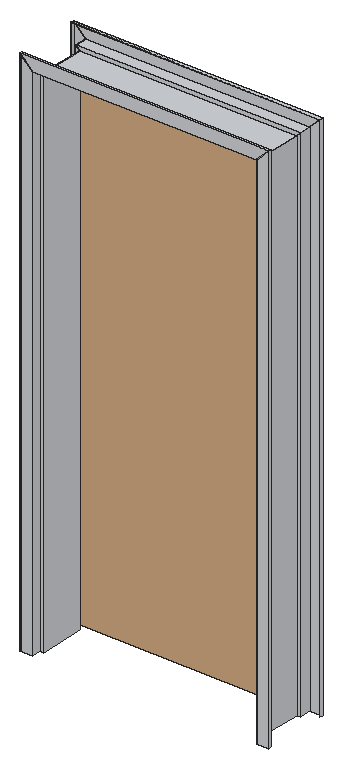
Revit family "Ext-Communicating-Door-WDMF-36 x 84", category Doors, host Wall, Revit 2014
Parameters (values of type "Ext-C-WDMF-36" x 84"")
  Width = Door Panel Width  # 3' - 0"
  Wall Thickness [instance] = 0' - 10 3/4"
  URL = ""
  Type Comments = "EXT,"
  Thickness = 0' - 1 3/4"
  Swing Angle [instance] = 90.00°
  SDI RO Spacing = 0' - 0"
  SDI Panel 1 Width = Leaf Width + 0' 0 3/16"  # 3' - 0"
  SDI No Panels = ""
  SDI HW Set [instance] = ""
  SDI HW Item LO-2 [instance] = ""
  SDI HW Item LO-1 [instance] = ""
  SDI HW Item KP-2 [instance] = ""
  SDI HW Item KP-1 [instance] = ""
  SDI HW Item HI-2 [instance] = ""
  SDI HW Item HI-1 [instance] = ""
  SDI HW Item HC-2 [instance] = ""
  SDI HW Item HC-1 [instance] = ""
  SDI HW Item ED-2 [instance] = ""
  SDI HW Item ED-1 [instance] = ""
  SDI HW Item DO-2 [instance] = ""
  SDI HW Item DO-1 [instance] = ""
  SDI HW Item CL-2 [instance] = ""
  SDI HW Item CL-1 [instance] = ""
  SDI Glass Material = Glass
  SDI Frame Type = "3 Piece"
  SDI Frame Material Type = "Hollow Metal"
  SDI Frame Material = Paint - Generic - Prime
  SDI Frame Manufacturer = ""
  SDI Frame Jamb Width = 0' - 2"
  SDI Frame Head Width = 0' - 2"
  SDI Frame Finish Type = "Painted"
  SDI Frame Finish Color = "Prime"
  SDI Frame Depth [instance] = 0' - 10 3/4"
  SDI Family Version = "1.0"
  SDI Door Top Rail Width = 0' - 7 3/4"
  SDI Door Stile Width = 0' - 6"
  SDI Door Panel Type = "N"
  SDI Door Material Type = "Hollow Metal"
  SDI Door Material = Stain - SRO - Red Oak 100 Clear
  SDI Door Manufacturer = ""
  SDI Door Glass Type = "1/4\" Tempered"
  SDI Door Finish Type = "Painted"
  SDI Door Finish Color = "Prime"
  SDI Door Configuration = "SG"
  SDI Door Bottom Rail Width = 5' - 0"
  SDI Arch Frame Type [instance] = ""
  SDI Arch Frame Material Type [instance] = "HM"
  SDI Arch Door Panel Type [instance] = "N"
  SDI Arch Door Material Type [instance] = "HM"
  Rough Width = Frame Width - 0' 0" + 2 * SDI RO Spacing  # 3' - 4"
  Rough Height = Frame Height - 0' 0" + SDI RO Spacing  # 7' - 2"
  R1 Height = 7' - 0"
  P1 Width = 3' - 2"
  Note = "Depths vary Depending on the Hardware Being Used"  # constant formula
  Model = "Ext-C-WDMF-36\" x 84\""
  Manufacturer = ""
  Leaf Width = P1 Width - 0' 2 3/16"  # 2' - 11 13/16"
  Height = Door Panel Height  # 7' - 0"
  Glass Offset [instance] = 0' 2 1/16" + (SDI Frame Depth - 0' 5 3/4") / 2  # 0' - 4 9/16"
  Function = Exterior
  Frame Width = P1 Width + 0' 2"  # 3' - 4"
  Frame Offset [instance] = 0' - 5 3/8"
  Frame Height = R1 Height + 0' 2"  # 7' - 2"
  Fire Rating = ""
  Exterior Glazing [instance] = no
  Door Panel Width = P1 Width - 0' 2"  # 3' - 0"
  Door Panel Height = R1 Height + 0' 2" - (0' 2")  # 7' - 0"
  Door Offset [instance] = 0' 2 13/16" + (SDI Frame Depth - 0' 5 3/4") / 2  # 0' - 5 5/16"
  Description = "Wood Door with Hollow Metal Frame"
  Cost = 0
  Assembly Code = "B2030120"
  Analytic Construction = "<None>"
  Aligned Other [instance] = 0' - 0"
  Aligned Interior [instance] = no
  Aligned Exterior [instance] = yes
  Aligned Center [instance] = no
  ADA Clearance Lines = no
Reference planes (in)
  plane 1: y = 0
  plane 2 "Center (Left/Right)": x = 0
  plane 3 "Wall Edge": y = 7.875
  plane 4 "Wall Interior": y = -2.875
  plane 5 "ModelRefLevel": z = 0
  plane 6 "FrameDepthPlane": y = 2.5
  plane 7 "FrameFront": y = 7.875
  plane 8 "FrameBack": y = -2.875
  plane 9 "V0": x = 19
  plane 10 "V1": x = -19
  plane 11 "H0": z = 1
  plane 12 "H1": z = 85
  plane 13 "DoorLeft": x = 18
  plane 14 "DoorRight": x = -18
  plane 15 "DoorCenter": x = 0
  plane 16 "DoorTop": z = 83.875
  plane 17 "DoorCenterTB": z = 41.9375
  plane 18 "DoorExtFace": y = 7.8125
  plane 19 "DoorGlassFace": y = 7.0625
  plane 20 "LockCenterLine": z = 32.5625
  plane 21 "DoorExtFace1": y = 4.5625
  plane 22 "GlassRight1": x = -11.90625
  plane 23 "ActDoorLeft": x = 17.90625
  plane 24 "SwingClrPlane": y = 67.875
  plane 25 "SwingPartialPlane": y = 55.875
  plane 26: x = -7.90625
  plane 27: x = -11.90625
  plane 28: z = 76.125
  plane 29: z = 51.125
Forms (in)
  Extrusion 1, solid
    sketch origin (138.6875, 0, 43) x (-1, 0, 0) y (0, -1, 0)
      loop
        line (118.6875, -7.375) -> (118.6875, -7.875) -> (120.6875, -7.875) -> (120.6875, -5.9375) -> (121.3125, -5.9375) -> (121.3125, 1.3125) -> (120.6875, 1.3125) -> (120.6875, 2.875) -> (118.6875, 2.875) -> (118.6875, 2.4375) -> (118.75, 2.4375) -> (118.75, 2.8125) -> (120.625, 2.8125) -> (120.625, 1.25) -> (121.25, 1.25) -> (121.25, -5.875) -> (120.625, -5.875) -> (120.625, -7.8125) -> (118.75, -7.8125) -> (118.75, -7.375) -> (118.6875, -7.375)
    from -43 to 43
  Extrusion 2, void
    sketch origin (0, 2.875, 0) x (1, 0, 0) y (0, 0, 1)
      loop
        line (20, 86) -> (17.375, 86) -> (17.375, 83.375) -> (20, 86)
    from -12 to 12
  Extrusion 3, solid
    sketch origin (101.3125, 0, 43) x (-1, 0, 0) y (0, -1, 0)
      loop
        line (121.25, -7.375) -> (121.25, -7.8125) -> (119.375, -7.8125) -> (119.375, -5.875) -> (118.75, -5.875) -> (118.75, 1.25) -> (119.375, 1.25) -> (119.375, 2.8125) -> (121.25, 2.8125) -> (121.25, 2.4375) -> (121.3125, 2.4375) -> (121.3125, 2.875) -> (119.3125, 2.875) -> (119.3125, 1.3125) -> (118.6875, 1.3125) -> (118.6875, -5.9375) -> (119.3125, -5.9375) -> (119.3125, -7.875) -> (121.3125, -7.875) -> (121.3125, -7.375) -> (121.25, -7.375)
    from -43 to 43
  Extrusion 4, void
    sketch origin (0, 2.875, 0) x (1, 0, 0) y (0, 0, 1)
      loop
        line (-20, 86) -> (-17.375, 83.375) -> (-17.375, 86) -> (-20, 86)
    from -12 to 12
  Extrusion 5, solid
    sketch origin (0, 0, 84.6875) x (0, 1, 0) y (0, 0, 1)
      loop
        line (7.375, 1.25) -> (7.8125, 1.25) -> (7.8125, -0.625) -> (5.875, -0.625) -> (5.875, -1.25) -> (-1.25, -1.25) -> (-1.25, -0.625) -> (-2.8125, -0.625) -> (-2.8125, 1.25) -> (-2.4375, 1.25) -> (-2.4375, 1.3125) -> (-2.875, 1.3125) -> (-2.875, -0.6875) -> (-1.3125, -0.6875) -> (-1.3125, -1.3125) -> (5.9375, -1.3125) -> (5.9375, -0.6875) -> (7.875, -0.6875) -> (7.875, 1.3125) -> (7.375, 1.3125) -> (7.375, 1.25)
    from -20 to 20
  Extrusion 6, void
    sketch origin (0, 2.875, 0) x (1, 0, 0) y (0, 0, 1)
      loop
        line (-20, 86) -> (-20, 83.375) -> (-17.375, 83.375) -> (-20, 86)
    from -12 to 12
  Extrusion 7, void
    sketch origin (0, 2.875, 0) x (1, 0, 0) y (0, 0, 1)
      loop
        line (20, 86) -> (17.375, 83.375) -> (20, 83.375) -> (20, 86)
    from -12 to 12
  Extrusion 8, solid, material "Stain - SRO - Red Oak 100 Clear" <- "SDI Door Material"
    sketch origin (-60, 2.8125, -12) x (1, 0, 0) y (0, 0, 1)
      loop
        line (77.90625, 12.625) -> (77.90625, 95.875) -> (42.09375, 95.875) -> (42.09375, 12.625) -> (77.90625, 12.625)
    from -5 to -3.25
Cuts and joins
  Extrusion 2 cuts Extrusion 1
  Extrusion 4 cuts Extrusion 3
  Extrusion 6, Extrusion 7 cuts Extrusion 5
Lines and regions (in)
  Opening 1
    outline origin (-60, -2.875, 0) x (1, 0, 0) y (0, 0, 1)
      loop
        line (80, 0) -> (80, 86) -> (40, 86) -> (40, 0) -> (80, 0)
  symbolic lines, style "DoorsFrameMullionProjection", detail levels fine
    curve 1: line (20, 7.375, 0) -> (20, 7.875, 0)
    curve 2: line (20, 7.875, 0) -> (18, 7.875, 0)
    curve 3: line (18, 7.875, 0) -> (18, 5.9375, 0)
    curve 4: line (18, 5.9375, 0) -> (17.375, 5.9375, 0)
    curve 5: line (17.375, 5.9375, 0) -> (17.375, -1.3125, 0)
    curve 6: line (17.375, -1.3125, 0) -> (18, -1.3125, 0)
    curve 7: line (18, -1.3125, 0) -> (18, -2.875, 0)
    curve 8: line (18, -2.875, 0) -> (20, -2.875, 0)
    curve 9: line (20, -2.875, 0) -> (20, -2.4375, 0)
    curve 10: line (20, -2.4375, 0) -> (19.9375, -2.4375, 0)
    curve 11: line (19.9375, -2.4375, 0) -> (19.9375, -2.8125, 0)
    curve 12: line (19.9375, -2.8125, 0) -> (18.0625, -2.8125, 0)
    curve 13: line (18.0625, -2.8125, 0) -> (18.0625, -1.25, 0)
    curve 14: line (18.0625, -1.25, 0) -> (17.4375, -1.25, 0)
    curve 15: line (17.4375, -1.25, 0) -> (17.4375, 5.875, 0)
    curve 16: line (17.4375, 5.875, 0) -> (18.0625, 5.875, 0)
    curve 17: line (18.0625, 5.875, 0) -> (18.0625, 7.8125, 0)
    curve 18: line (18.0625, 7.8125, 0) -> (19.9375, 7.8125, 0)
    curve 19: line (19.9375, 7.8125, 0) -> (19.9375, 7.375, 0)
    curve 20: line (19.9375, 7.375, 0) -> (20, 7.375, 0)
    curve 25: line (-19.9375, 7.375, 0) -> (-19.9375, 7.8125, 0)
    curve 26: line (-19.9375, 7.8125, 0) -> (-18.0625, 7.8125, 0)
    curve 27: line (-18.0625, 7.8125, 0) -> (-18.0625, 5.875, 0)
    curve 28: line (-18.0625, 5.875, 0) -> (-17.4375, 5.875, 0)
    curve 29: line (-17.4375, 5.875, 0) -> (-17.4375, -1.25, 0)
    curve 30: line (-17.4375, -1.25, 0) -> (-18.0625, -1.25, 0)
    curve 31: line (-18.0625, -1.25, 0) -> (-18.0625, -2.8125, 0)
    curve 32: line (-18.0625, -2.8125, 0) -> (-19.9375, -2.8125, 0)
    curve 33: line (-19.9375, -2.8125, 0) -> (-19.9375, -2.4375, 0)
    curve 34: line (-19.9375, -2.4375, 0) -> (-20, -2.4375, 0)
    curve 35: line (-20, -2.4375, 0) -> (-20, -2.875, 0)
    curve 36: line (-20, -2.875, 0) -> (-18, -2.875, 0)
    curve 37: line (-18, -2.875, 0) -> (-18, -1.3125, 0)
    curve 38: line (-18, -1.3125, 0) -> (-17.375, -1.3125, 0)
    curve 39: line (-17.375, -1.3125, 0) -> (-17.375, 5.9375, 0)
    curve 40: line (-17.375, 5.9375, 0) -> (-18, 5.9375, 0)
    curve 41: line (-18, 5.9375, 0) -> (-18, 7.875, 0)
    curve 42: line (-18, 7.875, 0) -> (-20, 7.875, 0)
    curve 43: line (-20, 7.875, 0) -> (-20, 7.375, 0)
    curve 44: line (-20, 7.375, 0) -> (-19.9375, 7.375, 0)
  symbolic lines, style "DoorsFrameMullionProjection", detail levels coarse+medium
    curve 21: line (18, -2.875, 0) -> (20, -2.875, 0)
    curve 22: line (18, 7.875, 0) -> (20, 7.875, 0)
    curve 23: line (18, -2.875, 0) -> (18, 7.875, 0)
    curve 24: line (20, -2.875, 0) -> (20, 7.875, 0)
    curve 45: line (-20, -2.875, 0) -> (-18, -2.875, 0)
    curve 46: line (-20, 7.875, 0) -> (-18, 7.875, 0)
    curve 47: line (-20, -2.875, 0) -> (-20, 7.875, 0)
    curve 48: line (-18, -2.875, 0) -> (-18, 7.875, 0)
  symbolic lines, style "Elevation Swing"
    curve 49: line (-17.90625, 2.875, 83.875) -> (17.90625, 2.875, 41.9375)
    curve 50: line (-17.90625, 2.875, 0) -> (17.90625, 2.875, 41.9375)
  symbolic lines, style "ADA Clearance", visible <- "ADA Clearance Lines"
    curve 51: line (20, 7.875, 0) -> (20, 67.875, 0)
    curve 52: line (-36, 67.875, 0) -> (20, 67.875, 0)
    curve 53: line (-36, 55.875, 0) -> (20, 55.875, 0)
    curve 54: line (-36, 7.875, 0) -> (-36, 67.875, 0)
    curve 55: line (20, -2.875, 0) -> (20, -50.875, 0)
    curve 56: line (-30, -50.875, 0) -> (20, -50.875, 0)
    curve 57: line (-30, -2.875, 0) -> (-30, -50.875, 0)
Text (in)
  text "Placement Side" at (0, 40.15149, 123.01588), in view "Right"
  text "Placement Side" at (-70.3804, 28.46503, 0), in view "Ref. Level"
  text "Placement Side" at (0, 81.62555, 140.59947), in view "Left"
Dimensions and locks (in)
  locked: plane 3 "Wall Edge" to host wall
  equal spacing: host wall, plane 2 "Center (Left/Right)", host wall
  "Rough Width": host wall to host wall
  "Rough Height": level to host wall
  plane 3 "Wall Edge" to plane 1 to plane 4 "Wall Interior" = 0' - 7 7/8", 0' - 2 7/8"
  "Wall Thickness": host wall to host wall
  "Frame Offset": plane 3 "Wall Edge" to plane 6 "FrameDepthPlane"
  equal spacing: plane 7 "FrameFront", plane 6 "FrameDepthPlane", plane 8 "FrameBack"
  "SDI Frame Depth": plane 7 "FrameFront" to plane 8 "FrameBack"
  equal spacing: plane 9 "V0", plane 2 "Center (Left/Right)", plane 10 "V1"
  "P1 Width": plane 9 "V0" to plane 10 "V1"
  "R1 Height": plane 11 "H0" to plane 12 "H1"
  locked: plane 12 "H1" to Extrusion 1 at 1
  locked: plane 11 "H0" to Extrusion 1 at 1
  locked: plane 9 "V0" to Extrusion 1 at 1  (x4)
  locked: plane 9 "V0" to Extrusion 1 at 0.9375  (x5)
  locked: plane 9 "V0" to Extrusion 1 at 1.5625
  locked: plane 9 "V0" to Extrusion 1 at 1.625
  locked: plane 12 "H1" to Extrusion 3 at 1
  locked: plane 11 "H0" to Extrusion 3 at 1
  locked: plane 10 "V1" to Extrusion 3 at 0.9375  (x4)
  locked: plane 10 "V1" to Extrusion 3 at 1  (x5)
  locked: plane 10 "V1" to Extrusion 3 at 1.625
  locked: plane 10 "V1" to Extrusion 3 at 1.5625
  locked: plane 9 "V0" to Extrusion 5 at 1
  locked: plane 10 "V1" to Extrusion 5 at 1
  locked: plane 12 "H1" to Extrusion 5 at 0.9375  (x5)
  locked: plane 12 "H1" to Extrusion 5 at 1.5625
  locked: plane 12 "H1" to Extrusion 5 at 1  (x4)
  locked: plane 12 "H1" to Extrusion 5 at 1.625
  locked: plane 7 "FrameFront" to cut or joined group of Extrusion 1, Extrusion 2 at 1.9375
  locked: plane 7 "FrameFront" to cut or joined group of Extrusion 1, Extrusion 2 at 2
  locked: plane 7 "FrameFront" to cut or joined group of Extrusion 1, Extrusion 2 at 0.0625
  locked: plane 7 "FrameFront" to cut or joined group of Extrusion 1, Extrusion 2 at 0.5
  locked: plane 8 "FrameBack" to cut or joined group of Extrusion 1, Extrusion 2 at 1.5625
  locked: plane 8 "FrameBack" to cut or joined group of Extrusion 1, Extrusion 2 at 0.4375
  locked: plane 8 "FrameBack" to cut or joined group of Extrusion 1, Extrusion 2 at 0.0625
  locked: plane 8 "FrameBack" to cut or joined group of Extrusion 1, Extrusion 2 at 1.625
  locked: plane 7 "FrameFront" to cut or joined group of Extrusion 3, Extrusion 4 at 0.0625
  locked: plane 7 "FrameFront" to cut or joined group of Extrusion 3, Extrusion 4 at 2
  locked: plane 7 "FrameFront" to cut or joined group of Extrusion 3, Extrusion 4 at 1.9375
  locked: plane 7 "FrameFront" to cut or joined group of Extrusion 3, Extrusion 4 at 0.5
  locked: plane 8 "FrameBack" to cut or joined group of Extrusion 3, Extrusion 4 at 1.625
  locked: plane 8 "FrameBack" to cut or joined group of Extrusion 3, Extrusion 4 at 0.0625
  locked: plane 8 "FrameBack" to cut or joined group of Extrusion 3, Extrusion 4 at 0.4375
  locked: plane 8 "FrameBack" to cut or joined group of Extrusion 3, Extrusion 4 at 1.5625
  locked: plane 7 "FrameFront" to cut or joined group of Extrusion 5, Extrusion 6, Extrusion 7 at 0.0625
  locked: plane 7 "FrameFront" to cut or joined group of Extrusion 5, Extrusion 6, Extrusion 7 at 2
  locked: plane 7 "FrameFront" to cut or joined group of Extrusion 5, Extrusion 6, Extrusion 7 at 1.9375
  locked: plane 7 "FrameFront" to cut or joined group of Extrusion 5, Extrusion 6, Extrusion 7 at 0.5
  locked: plane 8 "FrameBack" to cut or joined group of Extrusion 5, Extrusion 6, Extrusion 7 at 1.625
  locked: plane 8 "FrameBack" to cut or joined group of Extrusion 5, Extrusion 6, Extrusion 7 at 0.0625
  locked: plane 8 "FrameBack" to cut or joined group of Extrusion 5, Extrusion 6, Extrusion 7 at 0.4375
  locked: plane 8 "FrameBack" to cut or joined group of Extrusion 5, Extrusion 6, Extrusion 7 at 1.5625
  locked: plane 7 "FrameFront" to curve 4 at 1.9375
  locked: plane 7 "FrameFront" to curve 16 at 2
  locked: plane 7 "FrameFront" to curve 18 at 0.0625
  locked: plane 7 "FrameFront" to curve 20 at 0.5
  locked: plane 7 "FrameFront" to curve 26 at 0.0625
  locked: plane 7 "FrameFront" to curve 28 at 2
  locked: plane 7 "FrameFront" to curve 40 at 1.9375
  locked: plane 7 "FrameFront" to curve 44 at 0.5
  locked: plane 8 "FrameBack" to curve 6 at 1.5625
  locked: plane 8 "FrameBack" to curve 10 at 0.4375
  locked: plane 8 "FrameBack" to curve 12 at 0.0625
  locked: plane 8 "FrameBack" to curve 14 at 1.625
  locked: plane 8 "FrameBack" to curve 30 at 1.625
  locked: plane 8 "FrameBack" to curve 32 at 0.0625
  locked: plane 8 "FrameBack" to curve 34 at 0.4375
  locked: plane 8 "FrameBack" to curve 38 at 1.5625
  locked: plane 9 "V0" to plane 13 "DoorLeft" at 1
  locked: plane 10 "V1" to plane 14 "DoorRight" at 1
  locked: plane 12 "H1" to plane 16 "DoorTop" at 1.125
  equal spacing: plane 16 "DoorTop", plane 17 "DoorCenterTB", plane 5 "ModelRefLevel"
  "Door Offset": plane 6 "FrameDepthPlane" to plane 18 "DoorExtFace"
  "Glass Offset": plane 6 "FrameDepthPlane" to plane 19 "DoorGlassFace"
  plane 20 "LockCenterLine" to plane 5 "ModelRefLevel" = 2' - 8 9/16"
  locked: Extrusion 8 to Extrusion 8 at 1.75
  locked: plane 6 "FrameDepthPlane" to plane 21 "DoorExtFace1" at 2.0625
  locked: plane 14 "DoorRight" to plane 22 "GlassRight1" at 6.09375
  locked: plane 13 "DoorLeft" to Extrusion 8 at 0.09375
  locked: plane 14 "DoorRight" to Extrusion 8 at 0.09375
  locked: plane 5 "ModelRefLevel" to Extrusion 8 at 0.625
  locked: plane 13 "DoorLeft" to plane 23 "ActDoorLeft" at 0.09375
  locked: plane 3 "Wall Edge" to plane 24 "SwingClrPlane" at 60
  locked: plane 3 "Wall Edge" to plane 25 "SwingPartialPlane" at 48
  locked: plane 27 to plane 14 "DoorRight" at 6.09375
  plane 26 to plane 27 = 0' - 4"
  locked: plane 29 to plane 28 at 25
  locked: plane 28 to plane 12 "H1" at 8.875
  aligned and locked: plane 4 "Wall Interior" to host wall
  aligned and locked: cut or joined group of Extrusion 1, Extrusion 2 to plane 7 "FrameFront"
  aligned and locked: plane 8 "FrameBack" to cut or joined group of Extrusion 1, Extrusion 2
  aligned and locked: cut or joined group of Extrusion 3, Extrusion 4 to plane 7 "FrameFront"
  aligned and locked: plane 8 "FrameBack" to cut or joined group of Extrusion 3, Extrusion 4
  aligned and locked: cut or joined group of Extrusion 5, Extrusion 6, Extrusion 7 to plane 7 "FrameFront"
  aligned and locked: plane 8 "FrameBack" to cut or joined group of Extrusion 5, Extrusion 6, Extrusion 7
  aligned and locked: curve 2 to plane 7 "FrameFront"
  aligned and locked: plane 7 "FrameFront" to curve 22
  aligned and locked: curve 42 to plane 7 "FrameFront"
  aligned and locked: plane 7 "FrameFront" to curve 46
  aligned and locked: plane 8 "FrameBack" to curve 8
  aligned and locked: plane 8 "FrameBack" to curve 36
  aligned and locked: Extrusion 8 to plane 18 "DoorExtFace"
  aligned and locked: Extrusion 8 to plane 16 "DoorTop"
  aligned and locked: plane 7 "FrameFront" to nested 1
  aligned and locked: plane 23 "ActDoorLeft" to nested 1
  aligned and locked: plane 24 "SwingClrPlane" to curve 52
  aligned and locked: plane 25 "SwingPartialPlane" to curve 53
Automatic sketch dimensions
  Opening 1 sketch curve to level = 0' - 0"
  Opening 1 sketch curve to plane 2 "Center (Left/Right)" = 1' - 8"
  plane 2 "Center (Left/Right)" to Opening 1 sketch curve = 1' - 8"
  level to Opening 1 sketch curve = 7' - 2"
  Extrusion 2 sketch curve to plane 9 "V0" = 0' - 1 5/8"
  plane 9 "V0" to Extrusion 2 sketch curve = 0' - 1"
  plane 12 "H1" to Extrusion 2 sketch curve = 0' - 1 5/8"
  Extrusion 2 sketch curve to plane 12 "H1" = 0' - 1"
  host wall to Extrusion 1 sketch curve = 0' - 0"
  Extrusion 1 sketch curve to host wall = 0' - 0"
  Extrusion 1 sketch curve to host wall = 0' - 0 1/2"
  plane 2 "Center (Left/Right)" to Extrusion 1 sketch curve = 1' - 8"  (x2)
  Extrusion 1 sketch curve to host wall = 0' - 0 7/16"
  Extrusion 1 sketch curve to Extrusion 1 sketch curve = 0' - 0 1/16"  (x7)
  plane 2 "Center (Left/Right)" to Extrusion 1 sketch curve = 1' - 6 1/16"  (x2)
  Extrusion 1 sketch curve to host wall = 0' - 0 1/16"  (x2)
  Extrusion 1 sketch curve to Extrusion 1 sketch curve = 0' - 0 9/16"
  Extrusion 1 sketch curve to host wall = 0' - 3 7/16"
  host wall to Extrusion 1 sketch curve = 0' - 3 3/4"
  plane 9 "V0" to curve 1 = 0' - 1"
  curve 6 to curve 5 = 0' - 0 5/8"
  curve 7 to plane 9 "V0" = 0' - 1"
  curve 9 to curve 10 = 0' - 0 1/16"
  curve 12 to curve 7 = 0' - 0 1/16"
  curve 14 to curve 5 = 0' - 0 1/16"
  curve 16 to curve 3 = 0' - 0 1/16"
  curve 1 to curve 18 = 0' - 0 1/16"
  Extrusion 4 sketch curve to plane 10 "V1" = 0' - 1"
  plane 10 "V1" to Extrusion 4 sketch curve = 0' - 1 5/8"
  plane 12 "H1" to Extrusion 4 sketch curve = 0' - 1 5/8"
  Extrusion 4 sketch curve to plane 12 "H1" = 0' - 1"
  Extrusion 3 sketch curve to host wall = 0' - 0"
  host wall to Extrusion 3 sketch curve = 0' - 0"
  Extrusion 3 sketch curve to plane 2 "Center (Left/Right)" = 1' - 5 3/8"
  Extrusion 3 sketch curve to Extrusion 3 sketch curve = 0' - 0 1/16"  (x7)
  Extrusion 3 sketch curve to Extrusion 3 sketch curve = 0' - 0 9/16"  (x2)
  Extrusion 3 sketch curve to host wall = 0' - 0 7/16"
  Extrusion 3 sketch curve to plane 2 "Center (Left/Right)" = 1' - 7 15/16"  (x2)
  Extrusion 3 sketch curve to host wall = 0' - 0 1/2"
  Extrusion 3 sketch curve to host wall = 0' - 0 1/16"  (x2)
  Extrusion 3 sketch curve to host wall = 0' - 3 7/16"
  host wall to Extrusion 3 sketch curve = 0' - 3 3/4"
  plane 10 "V1" to curve 26 = 0' - 0 15/16"
  curve 29 to curve 30 = 0' - 0 5/8"
  curve 32 to plane 10 "V1" = 0' - 0 15/16"
  curve 33 to curve 34 = 0' - 0 1/16"
  curve 36 to curve 31 = 0' - 0 1/16"
  curve 38 to curve 29 = 0' - 0 1/16"
  curve 40 to curve 27 = 0' - 0 1/16"
  curve 25 to curve 42 = 0' - 0 1/16"
  Extrusion 6 sketch curve to plane 10 "V1" = 0' - 1"
  plane 10 "V1" to Extrusion 6 sketch curve = 0' - 1 5/8"
  plane 12 "H1" to Extrusion 6 sketch curve = 0' - 1 5/8"
  Extrusion 6 sketch curve to plane 12 "H1" = 0' - 1"
  Extrusion 7 sketch curve to plane 9 "V0" = 0' - 1 5/8"
  plane 9 "V0" to Extrusion 7 sketch curve = 0' - 1"
  plane 12 "H1" to Extrusion 7 sketch curve = 0' - 1 5/8"
  Extrusion 7 sketch curve to plane 12 "H1" = 0' - 1"
  Extrusion 5 sketch curve to host wall = 0' - 0"
  host wall to Extrusion 5 sketch curve = 0' - 0"
  Extrusion 5 sketch curve to host wall = 0' - 0 1/16"  (x2)
  Extrusion 5 sketch curve to Extrusion 5 sketch curve = 0' - 0 3/8"
  host wall to Extrusion 5 sketch curve = 0' - 3 13/16"
  Extrusion 5 sketch curve to Extrusion 5 sketch curve = 0' - 0 1/16"  (x7)
  Extrusion 5 sketch curve to host wall = 0' - 3 3/8"
  Extrusion 5 sketch curve to host wall = 0' - 0 1/2"
  level to Extrusion 5 sketch curve = 6' - 11 3/8"
  Extrusion 5 sketch curve to Extrusion 5 sketch curve = 0' - 0 9/16"  (x2)
  Extrusion 5 sketch curve to plane 11 "H0" = 7' - 0 15/16"  (x2)
  Extrusion 8 sketch curve to plane 16 "DoorTop" = 0' - 0"
  plane 14 "DoorRight" to Extrusion 8 sketch curve = 0' - 0 3/32"
  Extrusion 8 sketch curve to plane 13 "DoorLeft" = 0' - 0 3/32"
  plane 11 "H0" to Extrusion 8 sketch curve = 0' - 0 3/8"
  curve 49 to plane 16 "DoorTop" = 0' - 0"
  curve 49 to plane 17 "DoorCenterTB" = 0' - 0"
  plane 14 "DoorRight" to curve 49 = 0' - 0 3/32"
  curve 50 to level = 0' - 0"
  curve 50 to plane 23 "ActDoorLeft" = 0' - 0"
  plane 14 "DoorRight" to curve 50 = 0' - 0 3/32"
  curve 51 to host wall = 0' - 0"
  plane 9 "V0" to curve 51 = 0' - 1"
  curve 54 to host wall = 0' - 0"
  host wall to curve 55 = 0' - 0"
  plane 9 "V0" to curve 55 = 0' - 1"
  host wall to curve 55 = 4' - 0"
  curve 56 to plane 10 "V1" = 0' - 11"
  host wall to curve 57 = 0' - 0"
  curve 57 to curve 54 = 0' - 6"
Nested families (in)
  nested 1: "SingleDoorPlanLines" at (17.90625, 7.875, 0.625), type "SingleDoorPlanLines"
Definition of nested family "SingleDoorPlanLines"
  Parameters (values of type "SingleDoorPlanLines")
    Width = 3' - 0"
    URL = ""
    Thickness = 0' - 1 3/4"
    Analytic Construction = "<None>"
    Swing Angle = 90.00°
  Reference planes (in)
    plane 1 "Front": y = 0
    plane 2: z = 0
    plane 3 "Right": x = 0
    plane 4 "Left": x = -36
  Lines and regions (in)
    symbolic lines, style "DoorsPanelProjection"
      curve 1: line (0, 0, 0) -> (0, 36, 0)
      curve 2: line (0, 36, 0) -> (-1.75, 36, 0)
      curve 3: line (-1.75, 36, 0) -> (-1.75, 0, 0)
      curve 4: line (-1.75, 0, 0) -> (0, 0, 0)
    model lines, style "InvisibleLines", not visible
      curve 5: line (0, 0, 0) -> (-38.99851, -0.34033, 0)
    symbolic lines, style "Plan Swing"
      curve 6: arc (-35.99863, -0.31416, 0) -> (-25.56667, 25.34453, 0) -> (0, 36, 0) r 36
  Dimensions and locks (in)
    "Thickness": curve 3 to curve 1
    "Width": curve 2 to curve 4
    "Width": plane 4 "Left" to plane 3 "Right"
    "Swing Angle": angle curve 1 to plane 1 "Front"
    locked: plane 1 "Front" to curve 5 (angle 0.50°)
  Automatic sketch dimensions
    curve 6 to plane 1 "Front" = 0' - 0"
    curve 6 to plane 3 "Right" = 0' - 0"
    curve 4 to plane 1 "Front" = 0' - 0"
    curve 4 to plane 3 "Right" = 0' - 0"
